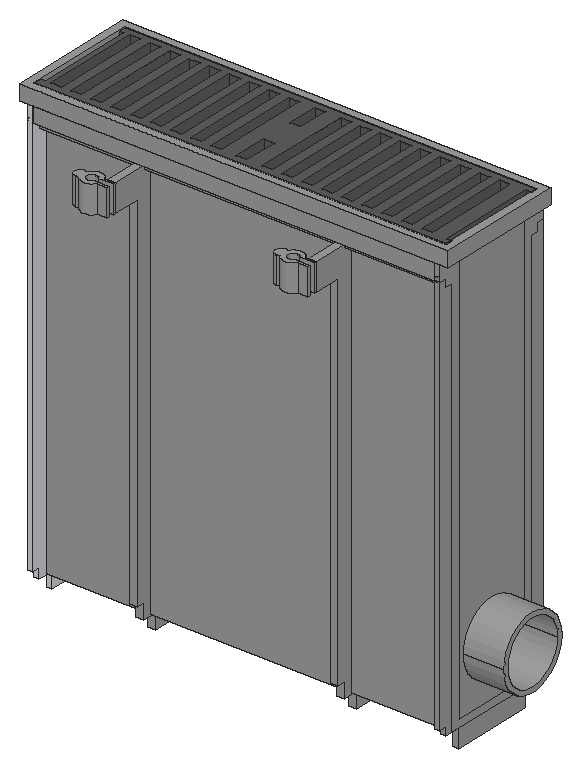
Revit family "Z887-6", category Plumbing Fixtures, Revit 2022
Family settings
  Round Connector Dimension = Use Radius
  Part Type = Normal
  OmniClass Number = 23.70.50.21.24.14
  OmniClass Title = Deck Waste Water Drains
  Work Plane-Based = No
  Always vertical = Yes
  Cut with Voids When Loaded = No
  Maintain Annotation Orientation = No
  Shared = No
  Room Calculation Point = No
Parameters (values of type "Z887-6 With 3 Inch End Outlet")
  Waste Connection = 1 = 1  # yes
  WFU = 1  # constant formula
  Vent Connection = 1 = 0  # no
  URL = "www.zurn.com"
  Product data url = "https://www.bimobject.com/en-us/zurnindustries/product/zurn-z887-6"
  Product Page URL = "https://www.zurn.com/products/drainage-interceptors/trench-drain-systems/catch-basin/z887-6"
  Product Installation Sheet URL = "https://files.zurn.com/care-cleaning-install-warranty-sheets/ft502.pdf"
  Product Documentation Link = "https://files.zurn.com/spec-sheets/z887-6.pdf"
  Pipe Size_A Outer Radius = Pipe Size_A Outer Diameter / 2  # 1.750"
  Pipe Size_A Outer Diameter = 3.500"
  Pipe Size_A Nominal Radius = Pipe Size_A Nominal Diameter / 2  # 1.500"
  Pipe Size_A Nominal Diameter = 3.000"
  Pipe Size_A Inside Radius = Pipe Size_A Inside Diameter / 2  # 1.534"
  Pipe Size_A Inside Diameter = 3.068"
  Modified Date = "12/15/2025"  # constant formula
  Model = "Z887-6"
  Manufacurer Brand = "Zurn"  # constant formula
  Manufacturer = "Zurn Water, LLC"  # constant formula
  Main Material = Polymer - Zurn - HDPE - Grey
  HWFU = 0  # constant formula
  HW Connection = 1 = 0  # no
  Grate = Iron - Zurn - Cast - Ductile - Painted Black
  End Outlet = yes
  Description = "6-1/4 [159] WIDE REVEAL x 20-3/4 [527] LONG CATCH BASIN"  # constant formula
  Default Elevation = 20.000"  # constant formula
  Date Created = "11/13/2018"  # constant formula
  Connector Radius = Pipe Size_A Nominal Diameter / 2  # 1.500"
  CWFU = 0  # constant formula
  CW Connection = 1 = 0  # no
  Bottom Outlet = no
  Assembly Code = "D2040300"
Types (7): name | Pipe Size_A Outer Radius | Pipe Size_A Outer Diameter | Pipe Size_A Nominal Radius | Pipe Size_A Nominal Diameter | Pipe Size_A Inside Radius | Pipe Size_A Inside Diameter | End Outlet | Connector Radius | Bottom Outlet | Assembly Code
  (no name) | 1.750" | 3.500" | 1.500" | 3.000" | 1.534" | 3.068" | yes | 1.500" | no | "D2040300"
  Z887-6 With 3 Inch Bottom Outlet | 1.750" | 3.500" | 1.500" | 3.000" | 1.534" | 3.068" | no | 1.500" | yes | "D2040300"
  Z887-6 With 3 Inch End Outlet | 1.750" | 3.500" | 1.500" | 3.000" | 1.534" | 3.068" | yes | 1.500" | no | "D2040300"
  Z887-6 With 4 Inch Bottom Outlet | 2.250" | 4.500" | 2.000" | 4.000" | 2.013" | 4.026" | no | 2.000" | yes | 0.000"
  Z887-6 With 4 Inch End Outlet | 2.250" | 4.500" | 2.000" | 4.000" | 2.013" | 4.026" | yes | 2.000" | no | 0.000"
  Z887-6 With 6 Inch Bottom Outlet | 3.3125" | 6.625" | 3.000" | 6.000" | 3.0325" | 6.065" | no | 3.000" | yes | 0.000"
  Z887-6 With 6 Inch End Outlet | 3.3125" | 6.625" | 3.000" | 6.000" | 3.0325" | 6.065" | yes | 3.000" | no | 0.000"
Reference planes (in)
  plane 1 "Center (Front/Back)": y = 0
  plane 2: z = 0
  plane 3 "Center (Left/Right)": x = 0
  plane 4: x = -10
  plane 5: x = 10
  plane 6: x = 10.375
  plane 7: x = -10.375
  plane 8: y = -2
  plane 9: y = 2
  plane 10: y = -3.125
  plane 11: y = 3.125
  plane 12: z = -21
  plane 13 "001": z = -21.375
  plane 14: y = 2.75
  plane 15: y = -2.75
  plane 16: y = 2.375
  plane 17: y = -2.375
  plane 18 "outlet": z = -22.25
  plane 19: y = 3.3701
  plane 20: y = -3.3799
  plane 21: y = 2.375
  plane 22: y = -2.375
  plane 23: z = -0.745
  plane 24: x = 4.875
  plane 25: x = -4.875
  plane 26: z = -1.75
  plane 27: z = -3.0625
  plane 28: x = -10.1875
  plane 29: x = 9.75
  plane 30: y = 2.74031
  plane 31: y = -2.59969
  plane 32: y = 2.39062
  plane 33: y = -2.25
  plane 34: x = -1.19043
  plane 35: x = -1.72707
  plane 36: x = -2.16043
  plane 37: x = -2.69707
  plane 38: x = -3.13043
  plane 39: x = -3.66707
  plane 40: x = -4.10043
  plane 41: x = -4.63707
  plane 42: x = -5.07043
  plane 43: x = -5.60707
  plane 44: x = -6.04043
  plane 45: x = -6.57707
  plane 46: x = -7.01043
  plane 47: x = -7.54707
  plane 48: x = -7.98043
  plane 49: x = -8.51707
  plane 50: x = -8.95043
  plane 51: x = -9.48707
  plane 52: x = -9.92043
  plane 53: x = 9.75
  plane 54: x = 0.75293
  plane 55: x = 1.28957
  plane 56: x = 1.72293
  plane 57: x = 2.25957
  plane 58: x = 2.69293
  plane 59: x = 3.22957
  plane 60: x = 3.66293
  plane 61: x = 4.19957
  plane 62: x = 4.63293
  plane 63: x = 5.16957
  plane 64: x = 5.60293
  plane 65: x = 6.13957
  plane 66: x = 6.57293
  plane 67: x = 7.10957
  plane 68: x = 7.54293
  plane 69: x = 8.07957
  plane 70: x = 8.51293
  plane 71: x = 9.04957
  plane 72: x = 9.48293
  plane 73: x = -0.48725
  plane 74: x = 0.04975
  plane 75: y = 0.87031
  plane 76: y = -0.72969
  plane 77: x = -5.62455
  plane 78: x = -6.18755
  plane 79: x = -4.68955
  plane 80: y = 4.82372
  plane 81: y = 4.57372
  plane 82: y = 4.95372
  plane 83: y = 4.44372
  plane 84: z = -1.75
  plane 85: z = -3.0625
  plane 86: x = 4.12596
  plane 87: x = 3.56296
  plane 88: x = 5.0772
  plane 89: y = 4.82118
  plane 90: y = 4.57118
  plane 91: y = 4.95118
  plane 92: y = 4.44118
  plane 93: x = -5.62455
  plane 94: x = -6.18755
  plane 95: x = -4.68955
  plane 96: y = -4.82372
  plane 97: y = -4.57372
  plane 98: y = -4.95372
  plane 99: y = -4.44372
  plane 100: x = 4.12596
  plane 101: x = 3.56296
  plane 102: y = -4.82118
  plane 103: y = -4.57118
  plane 104: y = -4.95118
  plane 105: y = -4.44118
  plane 106: y = -5.375
  plane 107: y = 5.375
  plane 108: z = -18.25
  plane 109 "End Outlet": x = 12
  plane 110: x = -1.5
  plane 111: x = 1.5
  plane 112: y = 1.5
  plane 113: y = -1.5
  plane 114: z = -16.75
  plane 115: z = -19.75
  plane 116: x = 13
  plane 117: y = 1.75
  plane 118: y = -1.75
Forms (in)
  Extrusion 1, solid, material "Polymer - Zurn - HDPE - Grey" <- "Main Material", detail levels fine
    sketch origin (10.188, -0.125, 0.24524) x (0, 1, 0) y (0, 0, 1)
      loop
        line (3.25, -0.99524) -> (-3, -0.99524) -> (-3, -21.24524) -> (-2.625, -21.24524) -> (-2.625, -21.62024) -> (-1.875, -21.62024) -> (-1.875, -22.49524) -> (2.125, -22.49524) -> (2.125, -21.62024) -> (2.875, -21.62024) -> (2.875, -21.24524) -> (3.25, -21.24524) -> (3.25, -0.99524)
    from -0.188 to -0.438
  Extrusion 2, solid, detail levels fine
    sketch origin (-10.188, -0.125, 0.24524) x (0, 1, 0) y (0, 0, -1)
      loop
        line (3.25, 0.99524) -> (3.25, 21.24524) -> (2.875, 21.24524) -> (2.875, 21.74524) -> (2.125, 21.74524) -> (2.125, 22.49524) -> (-1.875, 22.49524) -> (-1.875, 21.74524) -> (-2.625, 21.74524) -> (-2.625, 21.24524) -> (-3, 21.24524) -> (-3, 0.99524) -> (3.25, 0.99524)
    from -0.188 to -0.438
  Extrusion 3, solid, material "Polymer - Zurn - HDPE - Grey" <- "Main Material", detail levels fine
    sketch origin (0, -0.0049, 0.005) x (0, 1, 0) y (0, 0, 1)
      loop
        line (2.75, -1.5) -> (3.1299, -1.5) -> (3.1299, -0.75) -> (2.0049, -0.75) -> (2.0049, -21.005) -> (-1.9951, -21.005) -> (-1.9951, -0.75) -> (-3.1201, -0.75) -> (-3.1201, -1.5) -> (-2.75, -1.5) -> (-2.75, -1.875) -> (-2.3701, -1.875) -> (-2.3701, -21.38) -> (2.3799, -21.38) -> (2.3799, -1.875) -> (2.75, -1.875) -> (2.75, -1.5)
    from -10 to 10
  Extrusion 4, solid, material "Polymer - Zurn - HDPE - Grey" <- "Main Material", detail levels fine
    sketch origin (0.125, -0.12921, 0) x (0, 1, 0) y (0, 0, -1)
      loop
        line (2.50421, 1.75) -> (4.56671, 1.75) -> (4.56671, 3.0625) -> (3.25421, 3.0625) -> (3.25421, 20.755) -> (2.87921, 20.755) -> (2.87921, 21.5) -> (2.12921, 21.5) -> (2.12921, 22.25) -> (-1.87079, 22.25) -> (-1.87079, 21.5) -> (-2.62079, 21.5) -> (-2.62079, 20.755) -> (-2.99579, 20.755) -> (-2.99579, 3.0625) -> (-4.30829, 3.0625) -> (-4.30829, 1.75) -> (-2.24579, 1.75) -> (-2.24579, 21.375) -> (2.50421, 21.375) -> (2.50421, 1.75)
    from 4.8125 to 5.1875
  Extrusion 5, solid, material "Iron - Zurn - Cast - Ductile - Painted Black" <- "Grate", detail levels fine
    sketch origin (-0.21875, 0.07031, 0) x (1, 0, 0) y (0, 1, 0)
      loop
        line (-9.78125, -2.82031) -> (10.21875, -2.82031) -> (10.21875, -2.44531) -> (9.96875, -2.44531) -> (9.96875, 2.32031) -> (10.21875, 2.32031) -> (10.21875, 2.67) -> (-9.78125, 2.67) -> (-9.78125, 2.32031) -> (-9.53125, 2.32031) -> (-9.53125, -2.44531) -> (-9.78125, -2.44531) -> (-9.78125, -2.82031)
      loop
        line (-1.50832, -2.44531) -> (-0.97168, -2.44531) -> (-0.97168, 2.32031) -> (-1.50832, 2.32031) -> (-1.50832, -2.44531)
      loop
        line (-2.47832, -2.44531) -> (-1.94168, -2.44531) -> (-1.94168, 2.32031) -> (-2.47832, 2.32031) -> (-2.47832, -2.44531)
      loop
        line (-3.44832, -2.44531) -> (-2.91168, -2.44531) -> (-2.91168, 2.32031) -> (-3.44832, 2.32031) -> (-3.44832, -2.44531)
      loop
        line (-4.41832, -2.44531) -> (-3.88168, -2.44531) -> (-3.88168, 2.32031) -> (-4.41832, 2.32031) -> (-4.41832, -2.44531)
      loop
        line (-5.38832, -2.44531) -> (-4.85168, -2.44531) -> (-4.85168, 2.32031) -> (-5.38832, 2.32031) -> (-5.38832, -2.44531)
      loop
        line (-6.35832, -2.44531) -> (-5.82168, -2.44531) -> (-5.82168, 2.32031) -> (-6.35832, 2.32031) -> (-6.35832, -2.44531)
      loop
        line (-7.32832, -2.44531) -> (-6.79168, -2.44531) -> (-6.79168, 2.32031) -> (-7.32832, 2.32031) -> (-7.32832, -2.44531)
      loop
        line (-8.29832, -2.44531) -> (-7.76168, -2.44531) -> (-7.76168, 2.32031) -> (-8.29832, 2.32031) -> (-8.29832, -2.44531)
      loop
        line (-9.26832, -2.44531) -> (-8.73168, -2.44531) -> (-8.73168, 2.32031) -> (-9.26832, 2.32031) -> (-9.26832, -2.44531)
      loop
        line (1.50832, -2.44531) -> (1.50832, 2.32031) -> (0.97168, 2.32031) -> (0.97168, -2.44531) -> (1.50832, -2.44531)
      loop
        line (2.47832, -2.44531) -> (2.47832, 2.32031) -> (1.94168, 2.32031) -> (1.94168, -2.44531) -> (2.47832, -2.44531)
      loop
        line (3.44832, -2.44531) -> (3.44832, 2.32031) -> (2.91168, 2.32031) -> (2.91168, -2.44531) -> (3.44832, -2.44531)
      loop
        line (4.41832, -2.44531) -> (4.41832, 2.32031) -> (3.88168, 2.32031) -> (3.88168, -2.44531) -> (4.41832, -2.44531)
      loop
        line (5.38832, -2.44531) -> (5.38832, 2.32031) -> (4.85168, 2.32031) -> (4.85168, -2.44531) -> (5.38832, -2.44531)
      loop
        line (6.35832, -2.44531) -> (6.35832, 2.32031) -> (5.82168, 2.32031) -> (5.82168, -2.44531) -> (6.35832, -2.44531)
      loop
        line (7.32832, -2.44531) -> (7.32832, 2.32031) -> (6.79168, 2.32031) -> (6.79168, -2.44531) -> (7.32832, -2.44531)
      loop
        line (8.29832, -2.44531) -> (8.29832, 2.32031) -> (7.76168, 2.32031) -> (7.76168, -2.44531) -> (8.29832, -2.44531)
      loop
        line (9.26832, -2.44531) -> (9.26832, 2.32031) -> (8.73168, 2.32031) -> (8.73168, -2.44531) -> (9.26832, -2.44531)
      loop
        line (-0.2685, -2.44531) -> (0.2685, -2.44531) -> (0.2685, -0.8) -> (-0.2685, -0.8) -> (-0.2685, -2.44531)
      loop
        line (0.2685, 2.32031) -> (-0.2685, 2.32031) -> (-0.2685, 0.8) -> (0.2685, 0.8) -> (0.2685, 2.32031)
    from 0 to -0.75
  Extrusion 6, solid, material "Polymer - Zurn - HDPE - Grey" <- "Main Material", visible <- "End Outlet", detail levels fine
    sketch origin (0, 0, 0) x (1, 0, 0) y (0, 1, 0)
      loop
        line (-10.375, 3.125) -> (-10.375, -3.125) -> (10.375, -3.125) -> (10.375, 3.125) -> (-10.375, 3.125)
      loop
        line (-10, 2.75) -> (-10, -2.75) -> (10, -2.75) -> (10, 2.75) -> (-10, 2.75)
    from 0 to -0.75
  Extrusion 7, solid, material "Polymer - Zurn - HDPE - Grey" <- "Main Material", detail levels fine
    sketch origin (-0.04912, -0.01497, 0) x (1, 0, 0) y (0, 1, 0)
      loop
        line (-5.35893, 4.83869) -> (-4.64043, 4.83869) -> (-4.64043, 4.96869) -> (-5.14534, 4.96869)
        arc (-5.14534, 4.96869) -> (-5.56063, 5.21347) -> (-5.98968, 4.99369) r 0.5
        line (-5.98968, 4.99369) -> (-6.13843, 4.99369)
        arc (-6.13843, 4.99369) -> (-6.41843, 4.71369) -> (-6.13843, 4.43369) r 0.28
        line (-6.13843, 4.43369) -> (-5.98968, 4.43369)
        arc (-5.98968, 4.43369) -> (-5.56063, 4.21391) -> (-5.14534, 4.45869) r 0.5
        line (-5.14534, 4.45869) -> (-4.64043, 4.45869) -> (-4.64043, 4.58869) -> (-5.35893, 4.58869)
        arc (-5.35893, 4.58869) -> (-5.82543, 4.71369) -> (-5.35893, 4.83869) r 0.25
      loop
        line (4.39159, 4.83615) -> (5.11008, 4.83615) -> (5.11008, 4.96615) -> (4.60517, 4.96615)
        arc (4.60517, 4.96615) -> (4.18988, 5.21093) -> (3.76084, 4.99115) r 0.5
        line (3.76084, 4.99115) -> (3.61208, 4.99115)
        arc (3.61208, 4.99115) -> (3.33208, 4.71115) -> (3.61208, 4.43115) r 0.28
        line (3.61208, 4.43115) -> (3.76084, 4.43115)
        arc (3.76084, 4.43115) -> (4.18988, 4.21137) -> (4.60517, 4.45615) r 0.5
        line (4.60517, 4.45615) -> (5.11008, 4.45615) -> (5.11008, 4.58615) -> (4.39159, 4.58615)
        arc (4.39159, 4.58615) -> (3.92508, 4.71115) -> (4.39159, 4.83615) r 0.25
      loop
        arc (-5.35893, -4.80876) -> (-5.82543, -4.68376) -> (-5.35893, -4.55876) r 0.25
        line (-5.35893, -4.55876) -> (-4.64043, -4.55876) -> (-4.64043, -4.42876) -> (-5.14534, -4.42876)
        arc (-5.14534, -4.42876) -> (-5.56063, -4.18398) -> (-5.98968, -4.40376) r 0.5
        line (-5.98968, -4.40376) -> (-6.13843, -4.40376)
        arc (-6.13843, -4.40376) -> (-6.41843, -4.68376) -> (-6.13843, -4.96376) r 0.28
        line (-6.13843, -4.96376) -> (-5.98968, -4.96376)
        arc (-5.98968, -4.96376) -> (-5.56063, -5.18354) -> (-5.14534, -4.93876) r 0.5
        line (-5.14534, -4.93876) -> (-4.64043, -4.93876) -> (-4.64043, -4.80876) -> (-5.35893, -4.80876)
      loop
        arc (4.39159, -4.80622) -> (3.92508, -4.68122) -> (4.39159, -4.55622) r 0.25
        line (4.39159, -4.55622) -> (5.11008, -4.55622) -> (5.11008, -4.42622) -> (4.60517, -4.42622)
        arc (4.60517, -4.42622) -> (4.18988, -4.18144) -> (3.76084, -4.40122) r 0.5
        line (3.76084, -4.40122) -> (3.61208, -4.40122)
        arc (3.61208, -4.40122) -> (3.33208, -4.68122) -> (3.61208, -4.96122) r 0.28
        line (3.61208, -4.96122) -> (3.76084, -4.96122)
        arc (3.76084, -4.96122) -> (4.18988, -5.181) -> (4.60517, -4.93622) r 0.5
        line (4.60517, -4.93622) -> (5.11008, -4.93622) -> (5.11008, -4.80622) -> (4.39159, -4.80622)
    from -1.75 to -3.0625
  Extrusion 8, solid, material "Polymer - Zurn - HDPE - Grey" <- "Main Material", detail levels fine
    sketch origin (1.20617, -0.12921, 0) x (0, 1, 0) y (0, 0, 1)
      loop
        line (2.50421, -1.75) -> (2.50421, -21.375) -> (-2.24579, -21.375) -> (-2.24579, -1.75) -> (-4.30829, -1.75) -> (-4.30829, -3.0625) -> (-2.99579, -3.0625) -> (-2.99579, -20.755) -> (-2.62079, -20.755) -> (-2.62079, -21.5) -> (-1.87079, -21.5) -> (-1.87079, -22.25) -> (2.12921, -22.25) -> (2.12921, -21.5) -> (2.87921, -21.5) -> (2.87921, -20.755) -> (3.25421, -20.755) -> (3.25421, -3.0625) -> (4.56671, -3.0625) -> (4.56671, -1.75) -> (2.50421, -1.75)
    from 3.48133 to 3.85633
  Extrusion 9, solid, material "Polymer - Zurn - HDPE - Grey" <- "Main Material", visible <- "Bottom Outlet", detail levels fine
    sketch origin (0, 0, -21.375) x (0, 1, 0) y (-1, 0, 0)
      loop
        circle (0, 0) r 1.534
      loop
        circle (0, 0) r 1.75
    from 0 to -0.875
  Extrusion 10, solid, material "Polymer - Zurn - HDPE - Grey" <- "Main Material", visible <- "End Outlet", detail levels fine
    sketch origin (0, 0, 0) x (0, 1, 0) y (0, 0, 1)
      loop
        circle (0, -18.25) r 1.534
      loop
        circle (0, -18.25) r 1.75
    from 10 to 12
Cuts and joins
  joined: Extrusion 6, Extrusion 10
Lines and regions (in)
  Masking region 1
    outline origin (0, 0, 0) x (1, 0, 0) y (0, 1, 0)
      loop
        line (-10.375, 3.125) -> (-10.375, -3.125) -> (-5.0625, -3.125) -> (-5.0625, -4.44372) -> (-5.19446, -4.44372)
        arc (-5.19446, -4.44372) -> (-5.60975, -4.19894) -> (-6.0388, -4.41872) r 0.5
        line (-6.0388, -4.41872) -> (-6.18755, -4.41872)
        arc (-6.18755, -4.41872) -> (-6.46755, -4.69872) -> (-6.18755, -4.97872) r 0.28
        line (-6.18755, -4.97872) -> (-6.0388, -4.97872)
        arc (-6.0388, -4.97872) -> (-5.60975, -5.19851) -> (-5.19446, -4.95372) r 0.5
        line (-5.19446, -4.95372) -> (-4.68955, -4.95372) -> (-4.68955, -4.82372) -> (-5.40804, -4.82372)
        arc (-5.40804, -4.82372) -> (-5.87455, -4.69872) -> (-5.40804, -4.57372) r 0.25
        line (-5.40804, -4.57372) -> (-4.6875, -4.57372) -> (-4.6875, -4.4375) -> (-4.6875, -3.125) -> (4.6875, -3.125) -> (4.6875, -4.44118) -> (4.55605, -4.44118)
        arc (4.55605, -4.44118) -> (4.14076, -4.1964) -> (3.71172, -4.41618) r 0.5
        line (3.71172, -4.41618) -> (3.56296, -4.41618)
        arc (3.56296, -4.41618) -> (3.28296, -4.69618) -> (3.56296, -4.97618) r 0.28
        line (3.56296, -4.97618) -> (3.71172, -4.97618)
        arc (3.71172, -4.97618) -> (4.14076, -5.19597) -> (4.55605, -4.95118) r 0.5
        line (4.55605, -4.95118) -> (5.06096, -4.95118) -> (5.06096, -4.82118) -> (4.34247, -4.82118)
        arc (4.34247, -4.82118) -> (3.87596, -4.69618) -> (4.34247, -4.57118) r 0.25
        line (4.34247, -4.57118) -> (5.0625, -4.57118) -> (5.0625, -4.44118) -> (5.0625, -3.125) -> (10.375, -3.125) -> (10.375, 3.125) -> (5.06096, 3.125) -> (5.06096, 4.44118) -> (5.06096, 4.57118) -> (4.34247, 4.57118)
        arc (4.34247, 4.57118) -> (3.87596, 4.69618) -> (4.34247, 4.82118) r 0.25
        line (4.34247, 4.82118) -> (5.06096, 4.82118) -> (5.06096, 4.95118) -> (4.55605, 4.95118)
        arc (4.55605, 4.95118) -> (4.14076, 5.19597) -> (3.71172, 4.97618) r 0.5
        line (3.71172, 4.97618) -> (3.56296, 4.97618)
        arc (3.56296, 4.97618) -> (3.28296, 4.69618) -> (3.56296, 4.41618) r 0.28
        line (3.56296, 4.41618) -> (3.71172, 4.41618)
        arc (3.71172, 4.41618) -> (4.13862, 4.19634) -> (4.55384, 4.4375) r 0.5
        line (4.55384, 4.4375) -> (4.6875, 4.4375) -> (4.6875, 3.125) -> (-4.6875, 3.125) -> (-4.6875, 4.4375) -> (-4.68955, 4.57372) -> (-5.40804, 4.57372)
        arc (-5.40804, 4.57372) -> (-5.87455, 4.69872) -> (-5.40804, 4.82372) r 0.25
        line (-5.40804, 4.82372) -> (-4.68955, 4.82372) -> (-4.68955, 4.95372) -> (-5.19446, 4.95372)
        arc (-5.19446, 4.95372) -> (-5.60975, 5.19851) -> (-6.0388, 4.97872) r 0.5
        line (-6.0388, 4.97872) -> (-6.18755, 4.97872)
        arc (-6.18755, 4.97872) -> (-6.46755, 4.69872) -> (-6.18755, 4.41872) r 0.28
        line (-6.18755, 4.41872) -> (-6.0388, 4.41872)
        arc (-6.0388, 4.41872) -> (-5.60975, 4.19894) -> (-5.19446, 4.44372) r 0.5
        line (-5.19446, 4.44372) -> (-5.0625, 4.44372) -> (-5.0625, 3.125) -> (-10.375, 3.125)
  Masking region 2, visible <- "End Outlet", detail levels fine
    outline origin (0, 0, 0) x (1, 0, 0) y (0, 1, 0)
      loop
        line (10.375, 1.75) -> (10.375, -1.75) -> (12, -1.75) -> (12, 1.75) -> (10.375, 1.75)
  model lines, detail levels coarse+medium
    curve 1: line (-10, 2.75, 0) -> (10, 2.75, 0)
    curve 2: line (-10, -2.75, 0) -> (-10, 2.75, 0)
    curve 3: line (10, -2.75, 0) -> (-10, -2.75, 0)
    curve 4: line (10, 2.75, 0) -> (10, -2.75, 0)
    curve 5: line (-10.375, 3.125, 0) -> (10.375, 3.125, 0)
    curve 6: line (-10.375, -3.125, 0) -> (-10.375, 3.125, 0)
    curve 7: line (10.375, -3.125, 0) -> (-10.375, -3.125, 0)
    curve 8: line (10.375, 3.125, 0) -> (10.375, -3.125, 0)
    curve 9: line (-8.57143, 2.75, 0) -> (-8.57143, -2.75, 0)
    curve 10: line (-7.14286, 2.75, 0) -> (-7.14286, -2.75, 0)
    curve 11: line (-5.71429, 2.75, 0) -> (-5.71429, -2.75, 0)
    curve 12: line (-4.28571, 2.75, 0) -> (-4.28571, -2.75, 0)
    curve 13: line (-2.85714, 2.75, 0) -> (-2.85714, -2.75, 0)
    curve 14: line (-1.42857, 2.75, 0) -> (-1.42857, -2.75, 0)
    curve 15: line (8.57143, 2.75, 0) -> (8.57143, -2.75, 0)
    curve 16: line (7.14286, 2.75, 0) -> (7.14286, -2.75, 0)
    curve 17: line (5.71429, 2.75, 0) -> (5.71429, -2.75, 0)
    curve 18: line (4.28571, 2.75, 0) -> (4.28571, -2.75, 0)
    curve 19: line (2.85714, 2.75, 0) -> (2.85714, -2.75, 0)
    curve 20: line (1.42857, 2.75, 0) -> (1.42857, -2.75, 0)
    curve 21: line (0, 2.75, 0) -> (0, -2.75, 0)
    curve 22: line (-10, 1.375, 0) -> (10, 1.375, 0)
    curve 23: line (-10, 0, 0) -> (10, 0, 0)
    curve 24: line (10, -1.375, 0) -> (-10, -1.375, 0)
  model lines
    curve 25: line (10.375, 0, 0) -> (10.375, 0, -0.75)
    curve 26: line (10.375, 0, -0.75) -> (10, 0, -0.75)
    curve 27: line (10, 0, -0.75) -> (10, 0, -21.375)
    curve 28: line (10, 0, -21.375) -> (-10, 0, -21.375)
    curve 29: line (-10, 0, -21.375) -> (-10, 0, -0.75)
    curve 30: line (-10, 0, -0.75) -> (-10.375, 0, -0.75)
    curve 31: line (-10.375, 0, -0.75) -> (-10.375, 0, 0)
  model lines, visible <- "Bottom Outlet", detail levels coarse+medium
    curve 32: line (0, 0, -21.375) -> (0, 0, -22.25)
    curve 34: line (0, 1.5, -22.25) -> (0, -1.5, -22.25)
    curve 35: line (-1.5, 0, -22.25) -> (1.5, 0, -22.25)
  model lines, visible <- "End Outlet", detail levels coarse+medium
    curve 33: line (10, 0, -18.25) -> (12, 0, -18.25)
    curve 36: line (12, 0, -16.75) -> (12, 0, -19.75)
    curve 37: line (12, 1.5, -18.25) -> (12, -1.5, -18.25)
Dimensions and locks (in)
  equal spacing: plane 4, plane 3 "Center (Left/Right)", plane 5
  plane 7 to plane 3 "Center (Left/Right)" to plane 6 = 10.375", 10.375"
  locked: plane 4 to plane 5 at 20
  locked: plane 7 to plane 6 at 20.75
  equal spacing: plane 9, plane 1 "Center (Front/Back)", plane 8
  equal spacing: plane 11, plane 1 "Center (Front/Back)", plane 10
  locked: plane 9 to plane 8 at 4
  locked: level to plane 12 at 21
  locked: level to plane 13 "001" at 21.375
  locked: plane 11 to plane 10 at 6.25
  locked: plane 11 to plane 14 at 0.375
  locked: plane 15 to plane 10 at 0.375
  locked: plane 11 to plane 16 at 0.75
  locked: plane 17 to plane 10 at 0.75
  locked: level to plane 18 "outlet" at 22.25
  locked: level to Extrusion 1 sketch curve at 0.75
  locked: Extrusion 1 to Extrusion 1 at 0.25
  locked: Extrusion 2 to Extrusion 2 at 0.25
  locked: plane 5 to plane 24 at 5.125
  locked: plane 25 to plane 4 at 5.125
  Extrusion 4 to plane 25 to Extrusion 4 = 0.1875" locked, 0.1875" locked
  locked: Extrusion 4 to Extrusion 4 at 0.375
  plane 28 to plane 29 = 19.9375"  (x2)
  plane 31 to plane 30 = 5.340"
  locked: plane 30 to plane 31 at 5.34
  plane 33 to plane 32 = 4.64063"
  locked: plane 35 to plane 34 at 0.53664
  locked: plane 37 to plane 36 at 0.53664
  locked: plane 36 to plane 35 at 0.43336
  locked: plane 39 to plane 38 at 0.53664
  locked: plane 41 to plane 40 at 0.53664
  locked: plane 43 to plane 42 at 0.53664
  locked: plane 45 to plane 44 at 0.53664
  locked: plane 47 to plane 46 at 0.53664
  locked: plane 49 to plane 48 at 0.53664
  locked: plane 51 to plane 50 at 0.53664
  locked: plane 38 to plane 37 at 0.43336
  locked: plane 40 to plane 39 at 0.43336
  locked: plane 42 to plane 41 at 0.43336
  locked: plane 44 to plane 43 at 0.43336
  locked: plane 46 to plane 45 at 0.43336
  locked: plane 48 to plane 47 at 0.43336
  locked: plane 50 to plane 49 at 0.43336
  locked: plane 55 to plane 54 at 0.53664
  locked: plane 57 to plane 56 at 0.53664
  locked: plane 56 to plane 55 at 0.43336
  locked: plane 59 to plane 58 at 0.53664
  locked: plane 61 to plane 60 at 0.53664
  locked: plane 63 to plane 62 at 0.53664
  locked: plane 65 to plane 64 at 0.53664
  locked: plane 67 to plane 66 at 0.53664
  locked: plane 69 to plane 68 at 0.53664
  locked: plane 71 to plane 70 at 0.53664
  locked: plane 58 to plane 57 at 0.43336
  locked: plane 60 to plane 59 at 0.43336
  locked: plane 62 to plane 61 at 0.43336
  locked: plane 64 to plane 63 at 0.43336
  locked: plane 66 to plane 65 at 0.43336
  locked: plane 68 to plane 67 at 0.43336
  locked: plane 70 to plane 69 at 0.43336
  locked: plane 71 to plane 72 at 0.43336
  plane 73 to plane 74 = 0.537"
  plane 75 to plane 76 = 1.600"
  plane 15 to plane 14 = 5.500"
  plane 4 to Extrusion 5 sketch curve = 0.250"
  Extrusion 5 sketch curve to Extrusion 3 = 0.250"
  locked: level to Extrusion 6 at 0.75
  locked: plane 78 to plane 77 at 0.563
  locked: plane 80 to plane 81 at 0.25
  locked: plane 82 to plane 80 at 0.13
  locked: plane 81 to plane 83 at 0.13
  locked: Extrusion 4 sketch curve to Extrusion 4 sketch curve at 1.3125  (x2)
  locked: Extrusion 8 to Extrusion 8 at 0.375
  locked: Extrusion 8 sketch curve to Extrusion 8 sketch curve at 1.3125  (x2)
  Extrusion 8 to plane 24 to Extrusion 8 = 0.1875" locked, 0.1875" locked
  locked: plane 87 to plane 86 at 0.563
  locked: plane 89 to plane 90 at 0.25
  locked: plane 91 to plane 89 at 0.13
  locked: plane 90 to plane 92 at 0.13
  locked: plane 94 to plane 93 at 0.563
  locked: plane 96 to plane 97 at 0.25
  locked: plane 98 to plane 96 at 0.13
  locked: plane 97 to plane 99 at 0.13
  locked: plane 101 to plane 100 at 0.563
  locked: plane 102 to plane 103 at 0.25
  locked: plane 104 to plane 102 at 0.13
  locked: plane 103 to plane 105 at 0.13
  plane 106 to plane 10 = 2.250"
  plane 107 to plane 1 "Center (Front/Back)" to plane 106 = 5.375", 5.375"
  plane 107 to plane 1 "Center (Front/Back)" to plane 106 = 5.375" locked, 5.375" locked
  locked: plane 108 to plane 18 "outlet" at 4
  locked: plane 109 "End Outlet" to plane 5 at 2
  equal spacing: plane 4, curve 9, curve 10, curve 11, curve 12, curve 13, curve 14, plane 3 "Center (Left/Right)", curve 20, curve 19, curve 18, curve 17, curve 16, curve 15, curve 4, locked at 1.42857 each
  equal spacing: curve 3, curve 24, curve 23, curve 22, plane 14, locked at 1.375 each
  equal spacing: plane 110, plane 3 "Center (Left/Right)", plane 111
  equal spacing: plane 112, plane 1 "Center (Front/Back)", plane 113
  "Pipe Size_A Nominal Diameter": plane 110 to plane 111
  "Pipe Size_A Nominal Diameter": plane 112 to plane 113
  equal spacing: plane 114, plane 108, plane 115
  "Pipe Size_A Nominal Diameter": plane 114 to plane 115
  locked: Extrusion 8 to plane 24 at 0.1875
  locked: Extrusion 4 to plane 25 at 0.1875
  locked: level to curve 26 at 0.75
  locked: level to curve 30 at 0.75
  equal spacing: plane 117, plane 1 "Center (Front/Back)", plane 118
  "Pipe Size_A Outer Diameter": plane 117 to plane 118
  locked: Extrusion 7 sketch curve to plane 102 at 0.155
  locked: plane 103 to Extrusion 7 sketch curve at 0.155
  locked: Extrusion 7 sketch curve to plane 10 at 1.57118
  locked: Extrusion 7 sketch curve to plane 10 at 1.57372
  locked: plane 97 to Extrusion 7 sketch curve at 0.155
  locked: Extrusion 7 sketch curve to plane 96 at 0.155
  locked: plane 11 to Extrusion 7 sketch curve at 1.57372
  locked: plane 80 to Extrusion 7 sketch curve at 0.155
  locked: plane 81 to Extrusion 7 sketch curve at 0.155
  locked: plane 11 to Extrusion 7 sketch curve at 1.57118
  locked: Extrusion 7 sketch curve to plane 90 at 0.155
  locked: Extrusion 7 sketch curve to plane 89 at 0.155
  locked: plane 12 to Extrusion 8 sketch curve at 0.245
  locked: Extrusion 2 to Extrusion 8 sketch curve at 0.245
  locked: plane 13 "001" to Extrusion 4 at 0.125
  locked: plane 12 to Extrusion 4 sketch curve at 0.245
  locked: Extrusion 8 to plane 13 "001" at 0.125
  locked: level to plane 23 at 0.745
  locked: plane 23 to Extrusion 3 sketch curve at 0.75
  locked: Extrusion 3 sketch curve to plane 23 at 1.125
  locked: Extrusion 6 sketch curve to Extrusion 6 sketch curve at 0.375  (x2)
  radius of Extrusion 7 sketch curve = 0.500"  (x2)
  "Pipe Size_A Inside Radius": radius of Extrusion 10 sketch curve
  "Pipe Size_A Outer Radius": radius of Extrusion 10 sketch curve
  "Pipe Size_A Inside Radius": radius of Extrusion 9 sketch curve
  "Pipe Size_A Outer Radius": radius of Extrusion 9 sketch curve
  aligned and locked: plane 2 to level
  aligned and locked: Extrusion 1 sketch curve to plane 10
  aligned and locked: Extrusion 1 sketch curve to plane 11
  aligned and locked: Extrusion 1 sketch curve to plane 14
  aligned and locked: Extrusion 1 sketch curve to plane 9
  aligned and locked: plane 8 to Extrusion 1 sketch curve
  aligned and locked: Extrusion 1 sketch curve to plane 15
  aligned and locked: Extrusion 1 to plane 18 "outlet"
  aligned and locked: Extrusion 1 sketch curve to plane 18 "outlet"
  aligned and locked: Extrusion 1 sketch curve to plane 13 "001"  (x2)
  aligned and locked: Extrusion 1 sketch curve to plane 12
  aligned and locked: plane 12 to Extrusion 1 sketch curve
  aligned and locked: Extrusion 1 to plane 5
  aligned and locked: Extrusion 2 to plane 4
  aligned and locked: Extrusion 3 sketch curve to plane 16
  aligned and locked: Extrusion 3 sketch curve to plane 12
  aligned and locked: Extrusion 3 sketch curve to plane 17
  aligned and locked: plane 8 to Extrusion 3 sketch curve
  aligned and locked: plane 22 to plane 17
  aligned and locked: Extrusion 3 sketch curve to plane 9
  aligned and locked: plane 21 to plane 16
  aligned and locked: plane 5 to Extrusion 3
  aligned and locked: Extrusion 3 to plane 4
  aligned and locked: plane 26 to Extrusion 4 sketch curve  (x2)
  aligned and locked: Extrusion 4 sketch curve to plane 27  (x2)
  aligned and locked: Extrusion 5 sketch curve to plane 32  (x9)
  aligned and locked: plane 35 to Extrusion 5 sketch curve
  aligned and locked: Extrusion 5 sketch curve to plane 34
  aligned and locked: Extrusion 5 sketch curve to plane 36
  aligned and locked: Extrusion 5 sketch curve to plane 37
  aligned and locked: Extrusion 5 sketch curve to plane 38
  aligned and locked: Extrusion 5 sketch curve to plane 39
  aligned and locked: Extrusion 5 sketch curve to plane 40
  aligned and locked: Extrusion 5 sketch curve to plane 41
  aligned and locked: Extrusion 5 sketch curve to plane 42
  aligned and locked: Extrusion 5 sketch curve to plane 43
  aligned and locked: Extrusion 5 sketch curve to plane 44
  aligned and locked: Extrusion 5 sketch curve to plane 45
  aligned and locked: Extrusion 5 sketch curve to plane 46
  aligned and locked: Extrusion 5 sketch curve to plane 47
  aligned and locked: Extrusion 5 sketch curve to plane 48
  aligned and locked: Extrusion 5 sketch curve to plane 49
  aligned and locked: Extrusion 5 sketch curve to plane 50
  aligned and locked: Extrusion 5 sketch curve to plane 51
  aligned and locked: plane 30 to Extrusion 5 sketch curve
  aligned and locked: plane 32 to Extrusion 5 sketch curve  (x10)
  aligned and locked: Extrusion 5 sketch curve to plane 54
  aligned and locked: Extrusion 5 sketch curve to plane 55
  aligned and locked: Extrusion 5 sketch curve to plane 56
  aligned and locked: Extrusion 5 sketch curve to plane 57
  aligned and locked: Extrusion 5 sketch curve to plane 58
  aligned and locked: Extrusion 5 sketch curve to plane 59
  aligned and locked: Extrusion 5 sketch curve to plane 60
  aligned and locked: Extrusion 5 sketch curve to plane 61
  aligned and locked: Extrusion 5 sketch curve to plane 62
  aligned and locked: Extrusion 5 sketch curve to plane 63
  aligned and locked: Extrusion 5 sketch curve to plane 64
  aligned and locked: Extrusion 5 sketch curve to plane 65
  aligned and locked: Extrusion 5 sketch curve to plane 66
  aligned and locked: Extrusion 5 sketch curve to plane 67
  aligned and locked: Extrusion 5 sketch curve to plane 68
  aligned and locked: Extrusion 5 sketch curve to plane 69
  aligned and locked: Extrusion 5 sketch curve to plane 70
  aligned and locked: Extrusion 5 sketch curve to plane 71
  aligned and locked: Extrusion 5 sketch curve to plane 73
  aligned and locked: Extrusion 5 sketch curve to plane 74
  aligned and locked: Extrusion 5 sketch curve to plane 75
  aligned and locked: Extrusion 5 sketch curve to plane 76
  aligned and locked: plane 15 to Extrusion 5 sketch curve
  aligned and locked: Extrusion 5 sketch curve to plane 17  (x3)
  aligned and locked: plane 17 to Extrusion 5 sketch curve  (x10)
  aligned and locked: Extrusion 5 sketch curve to Extrusion 5 sketch curve  (x8)
  aligned and locked: plane 5 to Extrusion 5 sketch curve
  aligned and locked: Extrusion 5 sketch curve to plane 5
  aligned and locked: plane 4 to Extrusion 5 sketch curve
  aligned and locked: Extrusion 5 sketch curve to plane 4
  aligned and locked: Extrusion 3 sketch curve to plane 11
  aligned and locked: Extrusion 3 sketch curve to plane 10
  aligned and locked: level to Extrusion 6
  aligned and locked: plane 77 to Extrusion 7 sketch curve  (x3)
  aligned and locked: plane 78 to Extrusion 7 sketch curve
  aligned and locked: plane 79 to Extrusion 7 sketch curve
  aligned and locked: Extrusion 7 sketch curve to plane 79
  aligned and locked: Extrusion 7 sketch curve to plane 81
  aligned and locked: Extrusion 7 sketch curve to plane 83
  aligned and locked: Extrusion 7 sketch curve to plane 80
  aligned and locked: Extrusion 8 sketch curve to plane 84  (x2)
  aligned and locked: plane 85 to Extrusion 8 sketch curve  (x2)
  aligned and locked: plane 86 to Extrusion 7 sketch curve  (x3)
  aligned and locked: plane 87 to Extrusion 7 sketch curve
  aligned and locked: Extrusion 7 sketch curve to plane 90
  aligned and locked: Extrusion 7 sketch curve to plane 92
  aligned and locked: Extrusion 7 sketch curve to plane 89
  aligned and locked: Extrusion 7 sketch curve to plane 93
  aligned and locked: Extrusion 7 sketch curve to plane 94
  aligned and locked: Extrusion 7 sketch curve to plane 95
  aligned and locked: plane 95 to Extrusion 7 sketch curve
  aligned and locked: plane 97 to Extrusion 7 sketch curve
  aligned and locked: plane 99 to Extrusion 7 sketch curve
  aligned and locked: plane 96 to Extrusion 7 sketch curve
  aligned and locked: Extrusion 7 sketch curve to plane 100
  aligned and locked: Extrusion 7 sketch curve to plane 101
  aligned and locked: plane 103 to Extrusion 7 sketch curve
  aligned and locked: plane 105 to Extrusion 7 sketch curve
  aligned and locked: plane 102 to Extrusion 7 sketch curve
  aligned and locked: plane 3 "Center (Left/Right)" to Extrusion 9 sketch curve  (x2)
  aligned and locked: plane 1 "Center (Front/Back)" to Extrusion 9 sketch curve  (x2)
  aligned and locked: plane 13 "001" to Extrusion 9
  aligned and locked: Extrusion 9 to plane 18 "outlet"
  aligned and locked: plane 1 "Center (Front/Back)" to Extrusion 10 sketch curve  (x2)
  aligned and locked: plane 108 to Extrusion 10 sketch curve  (x2)
  aligned and locked: plane 109 "End Outlet" to Extrusion 10
  aligned and locked: plane 5 to Extrusion 10
  aligned and locked: plane 14 to curve 1
  aligned and locked: plane 4 to curve 2
  aligned and locked: plane 7 to curve 6
  aligned and locked: curve 8 to plane 6
  aligned and locked: curve 7 to plane 10
  aligned and locked: plane 11 to curve 5
  aligned and locked: curve 21 to plane 3 "Center (Left/Right)"
  aligned and locked: Extrusion 6 to plane 7
  aligned and locked: plane 4 to Extrusion 3
  aligned and locked: plane 6 to Extrusion 6
  aligned and locked: curve 27 to plane 5
  aligned and locked: plane 4 to Extrusion 2
  aligned and locked: curve 29 to plane 4
  aligned and locked: plane 13 "001" to curve 28
  aligned and locked: plane 18 "outlet" to curve 32
  aligned and locked: curve 32 to plane 3 "Center (Left/Right)"
  aligned and locked: plane 13 "001" to curve 32
  aligned and locked: curve 33 to plane 5
  aligned and locked: plane 109 "End Outlet" to curve 33
  aligned and locked: curve 33 to plane 108
  aligned and locked: plane 112 to curve 34
  aligned and locked: plane 113 to curve 34
  aligned and locked: plane 110 to curve 35
  aligned and locked: plane 111 to curve 35
  aligned and locked: plane 1 "Center (Front/Back)" to curve 35
  aligned and locked: curve 34 to plane 3 "Center (Left/Right)"
  aligned and locked: plane 114 to curve 36
  aligned and locked: plane 115 to curve 36
  aligned and locked: curve 36 to plane 1 "Center (Front/Back)"
  aligned and locked: plane 112 to curve 37
  aligned and locked: plane 113 to curve 37
  aligned and locked: curve 37 to plane 108
  aligned and locked: Masking region 1 sketch curve to Extrusion 6  (x2)
  aligned and locked: Masking region 1 sketch curve to Extrusion 7  (x37)
  aligned and locked: Extrusion 7 to Masking region 1 sketch curve
  aligned and locked: plane 6 to Masking region 1
  aligned and locked: Extrusion 6 to plane 11
  aligned and locked: plane 10 to Extrusion 6
  aligned and locked: Masking region 1 to plane 7
  aligned and locked: Masking region 1 sketch curve to Extrusion 8  (x2)
  aligned and locked: Extrusion 8 to Masking region 1 sketch curve
  aligned and locked: Masking region 1 sketch curve to Extrusion 4
  aligned and locked: curve 25 to plane 6
  aligned and locked: plane 7 to curve 31
  aligned and locked: level to curve 7
  aligned and locked: curve 37 to plane 109 "End Outlet"
  aligned and locked: Masking region 2 sketch curve to plane 117
  aligned and locked: Masking region 2 sketch curve to plane 118
  aligned and locked: Masking region 2 sketch curve to plane 109 "End Outlet"
  aligned and locked: plane 6 to Masking region 2 sketch curve  (x2)
  aligned and locked: plane 100 to Extrusion 7 sketch curve  (x2)
  aligned and locked: Extrusion 7 sketch curve to Extrusion 7 sketch curve
  aligned and locked: plane 93 to Extrusion 7 sketch curve  (x2)
  aligned and locked: Extrusion 8 sketch curve to plane 18 "outlet"
  aligned and locked: Extrusion 8 sketch curve to plane 9
  aligned and locked: Extrusion 8 sketch curve to Extrusion 2
  aligned and locked: plane 15 to Extrusion 8 sketch curve
  aligned and locked: plane 10 to Extrusion 8 sketch curve
  aligned and locked: Extrusion 8 sketch curve to plane 17
  aligned and locked: plane 13 "001" to Extrusion 8 sketch curve
  aligned and locked: plane 16 to Extrusion 8 sketch curve
  aligned and locked: Extrusion 8 sketch curve to plane 14
  aligned and locked: Extrusion 4 to Extrusion 8 sketch curve
  aligned and locked: Extrusion 4 sketch curve to plane 18 "outlet"
  aligned and locked: plane 15 to Extrusion 4 sketch curve
  aligned and locked: plane 10 to Extrusion 4 sketch curve
  aligned and locked: Extrusion 4 sketch curve to plane 11
  aligned and locked: Extrusion 4 sketch curve to plane 14
  aligned and locked: plane 16 to Extrusion 4 sketch curve
  aligned and locked: Extrusion 4 sketch curve to plane 9
  aligned and locked: plane 13 "001" to Extrusion 4 sketch curve
  aligned and locked: Extrusion 4 sketch curve to plane 17
  aligned and locked: Extrusion 4 sketch curve to Extrusion 4 sketch curve
  aligned and locked: Extrusion 3 sketch curve to plane 13 "001"
  aligned and locked: plane 23 to Extrusion 3 sketch curve  (x2)
  aligned and locked: Extrusion 3 sketch curve to Extrusion 3 sketch curve  (x2)
  aligned and locked: Extrusion 2 sketch curve to plane 11
  aligned and locked: Extrusion 2 sketch curve to plane 14
  aligned and locked: Extrusion 2 sketch curve to plane 9
  aligned and locked: plane 8 to Extrusion 2 sketch curve
  aligned and locked: Extrusion 2 sketch curve to plane 15
  aligned and locked: Extrusion 2 sketch curve to plane 10
  aligned and locked: plane 12 to Extrusion 2 sketch curve
  aligned and locked: Extrusion 2 sketch curve to cut or joined group of Extrusion 6, Extrusion 10
  aligned and locked: Extrusion 2 sketch curve to plane 18 "outlet"
  aligned and locked: Extrusion 2 sketch curve to Extrusion 4  (x2)
  aligned and locked: plane 8 to Extrusion 4 sketch curve
  aligned and locked: plane 4 to Extrusion 6 sketch curve
  aligned and locked: Extrusion 6 sketch curve to plane 5
Automatic sketch dimensions
  Extrusion 5 sketch curve to plane 73 = 0.000"
  Extrusion 5 sketch curve to plane 74 = 0.000"
  plane 32 to Extrusion 5 sketch curve = 0.000"  (x2)
  curve 31 to level = 0.000"
  curve 25 to level = 0.000"
  plane 15 to curve 2 = 0.000"
  plane 10 to Masking region 1 sketch curve = 0.000"  (x5)
  plane 11 to Masking region 1 sketch curve = 0.000"  (x3)
  Masking region 1 sketch curve to Masking region 1 sketch curve = 0.21358"
  Masking region 1 sketch curve to Masking region 1 sketch curve = 0.13196"
  Masking region 1 sketch curve to plane 25 = 0.1875"
  Masking region 1 sketch curve to Masking region 1 sketch curve = 0.13366"
  Masking region 1 sketch curve to Masking region 1 sketch curve = 0.13145"
  Masking region 1 sketch curve to Masking region 1 sketch curve = 0.130"  (x2)
  Masking region 1 sketch curve to Masking region 1 sketch curve = 7.69872"
  Masking region 1 sketch curve to Masking region 1 sketch curve = 0.000"
  Masking region 1 sketch curve to Masking region 1 sketch curve = 0.00205"
  Masking region 1 sketch curve to Masking region 1 sketch curve = 0.13622"  (x2)
  plane 25 to Masking region 1 sketch curve = 0.18545"
  Extrusion 7 sketch curve to Extrusion 7 sketch curve = 0.000"  (x7)
  Extrusion 7 sketch curve to plane 82 = 0.000"
  Extrusion 7 sketch curve to plane 98 = 0.000"
  Extrusion 7 sketch curve to plane 104 = 0.000"
  plane 91 to Extrusion 7 sketch curve = 0.000"
  Extrusion 7 sketch curve to Extrusion 7 sketch curve = 0.14875"  (x5)
  plane 78 to Extrusion 7 sketch curve = 0.14875"
  plane 77 to Extrusion 7 sketch curve = 0.21651"  (x2)
  plane 86 to Extrusion 7 sketch curve = 0.21651"
  Extrusion 7 sketch curve to Extrusion 7 sketch curve = 0.21651"
  Extrusion 7 sketch curve to Extrusion 7 sketch curve = 0.21358"
  Extrusion 7 sketch curve to plane 88 = 0.01624"  (x3)
  Extrusion 8 sketch curve to plane 11 = 0.000"
  Extrusion 8 sketch curve to plane 13 "001" = 0.125"
  Extrusion 4 sketch curve to plane 13 "001" = 0.125"  (x2)
  plane 15 to Extrusion 3 sketch curve = 0.0049"
  plane 14 to Extrusion 3 sketch curve = 0.0049"
  Extrusion 2 sketch curve to plane 12 = 0.000"
  Extrusion 6 sketch curve to plane 7 = 0.000"
  Extrusion 6 sketch curve to plane 6 = 0.000"
  plane 10 to Extrusion 6 sketch curve = 0.000"
  plane 14 to Extrusion 6 sketch curve = 0.000"
Connectors (in)
  piping at (0, 0, -22.25), diameter 3, driven by "Pipe Size_A Nominal Radius", driven by "Waste Connection", driven by "Waste Connection"
    settings: on Extrusion 9, index 1, connector inside diameter 24", connector length 0.000", flow factor 0, pipe flow 0 GPM, pressure drop 0.00 psi, fitting loss kfactor 0, connector angle 0.00°, fixture units 0, engagement length 0.000", angle of deflection 0.00°, flow configuration 0, flow direction 2, fitting loss method 0, system type 16, joint type 0, gender type 0, connector reference index 2, connector utility 1, adjustable connector yes, is connector primary no, connector description "Sanitary Outlet"
  piping at (12, 0, -18.25), diameter 3, driven by "Pipe Size_A Nominal Radius", driven by "Waste Connection", driven by "Waste Connection"
    settings: on Extrusion 10, index 2, connector inside diameter 24", connector length 0.000", flow factor 0, pipe flow 0 GPM, pressure drop 0.00 psi, fitting loss kfactor 0, connector angle 0.00°, fixture units 0, engagement length 0.000", angle of deflection 0.00°, flow configuration 0, flow direction 2, fitting loss method 0, system type 16, joint type 0, gender type 0, connector reference index 1, connector utility 1, adjustable connector yes, is connector primary yes, connector description "Sanitary Outlet"
